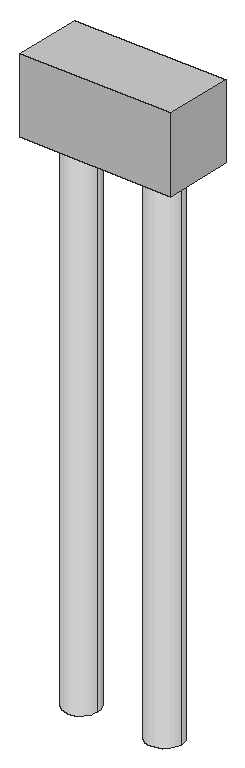
Revit family "adb1c66a3d8a4b4bb6bbb6efa44c5db4", category Structural Foundations, Revit 2021
Family settings
  Material for Model Behavior = Concrete
  Cap = No
  OmniClass Number = 23.25.05.11
  OmniClass Title = Foundation Piles
  Seek Item ID = Pile Cap-2 Pile-0000-USA-ENU
  Work Plane-Based = No
  Always vertical = Yes
  Cut with Voids When Loaded = No
  Shared = No
Parameters (values of type "31"x71"x35"")
  Width = 5' - 11"
  Structural Material [instance] = Concrete, Cast-in-Place gray
  Pile Type = Pile-Steel Pipe : 16" Diameter
  Length = 2' - 8"
  Foundation Thickness = 2' - 11"
  Cut-off = 0' - 6"
  Clearance = 1' - 4"
  Assembly Code = "A1010130"
Reference planes (in)
  plane 1 "Center (Front/Back)": y = 0
  plane 2: z = 0
  plane 3 "Center (Left/Right)": x = 0
  plane 4: z = -35
  plane 5: y = 16
  plane 6: x = -35.5
  plane 7: x = 35.5
  plane 8: z = -29
  plane 9: x = -19.5
  plane 10: x = 19.5
  plane 11: y = -16
Forms (in)
  Extrusion 1, solid, material "Concrete, Cast-in-Place gray" <- "Structural Material"
    sketch origin (0, 0, 0) x (1, 0, 0) y (0, 1, 0)
      loop
        line (-35.5, 16) -> (-35.5, -16) -> (35.5, -16) -> (35.5, 16) -> (-35.5, 16)
    from -35 to 0
Dimensions and locks (in)
  "Foundation Thickness": plane 2 to plane 4
  equal spacing: plane 6, plane 3 "Center (Left/Right)", plane 7  (x2)
  "Width": plane 6 to plane 7
  "Cut-off": plane 4 to plane 8
  "Clearance": plane 6 to plane 9
  "Clearance": plane 10 to plane 7
  "Length": plane 5 to plane 11
  equal spacing: plane 5, plane 1 "Center (Front/Back)", plane 11
  aligned and locked: plane 4 to Extrusion 1
  aligned and locked: level to Extrusion 1
  aligned and locked: plane 6 to Extrusion 1 sketch curve
  aligned and locked: plane 5 to Extrusion 1 sketch curve
  aligned and locked: plane 11 to Extrusion 1 sketch curve
  aligned and locked: plane 7 to Extrusion 1 sketch curve
  aligned and locked: plane 1 "Center (Front/Back)" to nested 2
  aligned and locked: plane 1 "Center (Front/Back)" to nested 1
  aligned and locked: plane 9 to nested 1
  aligned and locked: plane 10 to nested 2
  aligned and locked: plane 8 to nested 1
  aligned and locked: plane 8 to nested 2
Nested families (in)
  nested 1: "Pile-Steel Pipe" at (-19.5, 0, -35), type <- "Pile Type", type "16" Diameter"
    with Structural Material Steel ASTM A572
  nested 2: "Pile-Steel Pipe" at (19.5, 0, -35), type <- "Pile Type", type "16" Diameter"
    with Structural Material Steel ASTM A572
Definition of nested family "Pile-Steel Pipe"
  Parameters (values of type "8" Diameter")
    Structural Material [instance] = none
    Radius = Diameter / 2  # 0' - 4"
    Minimum Embedment = 0' - 6"
    Diameter = 0' - 8"
    Depth = 20' - 0"
    Assembly Code = "A1020130"
  Types (7): name | Radius | Diameter
    (no name) | 0' - 4" | 0' - 8"
    12" Diameter | 0' - 6" | 1' - 0"
    24" Diameter | 1' - 0" | 2' - 0"
    10" Diameter | 0' - 5" | 0' - 10"
    16" Diameter | 0' - 8" | 1' - 4"
    20" Diameter | 0' - 10" | 1' - 8"
    8" Diameter | 0' - 4" | 0' - 8"
  Reference planes (in)
    plane 1 "Center (Front/Back)": y = 0
    plane 2: z = 0
    plane 3 "Center (Left/Right)": x = 0
    plane 4: z = -240
    plane 5: z = 6
  Forms (in)
    Extrusion 1, solid, material <- "Structural Material"
      sketch origin (0, 0, 0) x (1, 0, 0) y (0, 1, 0)
        loop
          circle (0, 0) r 4
      from -240 to 6
  Dimensions and locks (in)
    "Depth": plane 2 to plane 4
    "Minimum Embedment": plane 5 to plane 2
    "Radius": radius of Extrusion 1 sketch curve
    aligned and locked: Extrusion 1 to plane 4
    aligned and locked: Extrusion 1 to plane 5
  Automatic sketch dimensions
    Extrusion 1 sketch curve to plane 1 "Center (Front/Back)" = 0' - 0"
    Extrusion 1 sketch curve to plane 3 "Center (Left/Right)" = 0' - 0"
